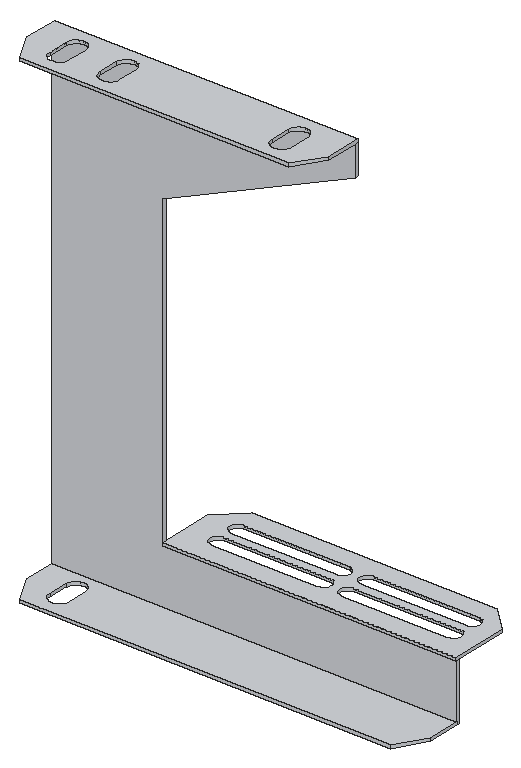
Revit family "TTH150", category Generic Models, Revit 2017
Family settings
  Can host rebar = No
  Round Connector Dimension = Use Diameter
  Part Type = Normal
  Work Plane-Based = Yes
  Always vertical = No
  Cut with Voids When Loaded = No
  Shared = No
  Room Calculation Point = No
Parameters (values of type "NBS Standard Parameters")
  Weight = "0.386Kg"
  WarrantyStartDate [instance] = "1900-12-31T23:59:59"
  WarrantyGuarantorParts = "n/a"
  WarrantyGuarantorLabor = "n/a"
  WarrantyDurationUnit = "1 year"
  WarrantyDurationParts = "n/a"
  WarrantyDurationLabor = "n/a"
  WarrantyDescription = "n/a"
  Version = "1"
  Uniclass2 = "PR_65_70_11_18"
  TagNumber [instance] = "n/a"
  SustainabilityPerformance = "n/a"
  Size = "150"
  Shape = "n/a"
  SerialNumber [instance] = "n/a"
  Revision = "n/a"
  ReplacementCost = "n/a"
  ProductInformation = "www.metpro.co.uk/pdf/tth150.pdf"
  NominalWidth = 67 mm
  NominalLength = 205 mm
  NominalHeight = 240 mm
  Name = ""
  NBSTypeID = ""
  NBSReference = "90-55-10/410"
  NBSOfficeMasterTag = ""
  NBSNote = ""
  NBSDescription = "Cable Trunking"
  NBSCertification = ""
  ModelReference = "TTH150"
  ModelNumber = "n/a"
  Material = "Pre Galvanised Steel"
  ManufacturerURL = "www.metpro.co.uk"
  ManufacturerName = "Metpro Ltd"
  Keynote = "Compliant to LU standard 1-085"
  InstallationDate [instance] = "1900-12-31T23:59:59"
  IfcExportType = ""
  IfcExportAs = ""
  Grade = "n/a"
  Finish = "Pre Galvanised"
  Features = "n/a"
  ExpectedLife = "n/a"
  DurationUnit = "year"
  Description = "TTH150  - 150mm Tray Hanger"
  Default Elevation = 1219.2 mm
  Constituents = "n/a"
  Color = "n/a"
  CodePerformance = "n/a"
  Category = "n/a"
  BarCode [instance] = "n/a"
  BIMObjectName = "Metpro_metprolibrary_cabletrunking_supportsystem_hangingbracket"
  Author = "Metpro Ltd"
  AssetType = ""
  AssetIdentifier [instance] = "n/a"
  AccessibilityPerformance = "n/a"
Reference planes
  plane 1 "Center (Front/Back)": y = 0
  plane 2: z = 0
  plane 3 "Center (Left/Right)": x = 0
Forms (mm)
  Extrusion 1, solid
    sketch origin (0, -27.618, 22.127) x (1, 0, 0) y (0, 0, 1)
      loop
        line (-19.975, 93.727) -> (-19.975, -146.273) -> (180.025, -146.273) -> (180.025, -116.273) -> (35.025, -116.273) -> (35.025, 35.977) -> (130.025, 78.727) -> (130.025, 93.727) -> (-19.975, 93.727)
    from 0 to 1.4
  Extrusion 2, solid
    sketch origin (-19.975, -27.618, -124.145) x (0, -1, 0) y (-1, 0, 0)
      loop
        line (1.4, 0) -> (1.4, -200) -> (17.067, -200) -> (31.5, -191.667) -> (31.5, -8.333) -> (17.067, 0) -> (1.4, 0)
    from -1.4 to 0
  Extrusion 3, solid
    sketch origin (-19.975, -27.618, 115.855) x (1, 0, 0) y (0, 1, 0)
      loop
        line (0, 0) -> (0, -17.067) -> (8.333, -31.5) -> (140.943, -31.5) -> (150, -17.802) -> (150, 0) -> (0, 0)
    from 0 to 1.4
  Extrusion 4, solid
    sketch origin (135.025, -27.618, -94.145) x (-1, 0, 0) y (0, -1, 0)
      loop
        line (100, 1.609) -> (-45, 1.609) -> (-45, -26.391) -> (-33, -38.391) -> (88, -38.391) -> (100, -26.391) -> (100, 1.609)
    from -1.4 to 0
  Extrusion 5, void
    sketch origin (-19.975, -27.618, 117.255) x (0, 1, 0) y (1, 0, 0)
      loop
        line (-10.863, 134.303) -> (-20.863, 134.303)
        arc (-20.863, 134.303) -> (-25.863, 129.303) -> (-20.863, 124.303) r 5
        line (-20.863, 124.303) -> (-10.863, 124.303)
        arc (-10.863, 124.303) -> (-5.863, 129.303) -> (-10.863, 134.303) r 5
      loop
        line (-10.863, 49.303) -> (-20.863, 49.303)
        arc (-20.863, 49.303) -> (-25.863, 44.303) -> (-20.863, 39.303) r 5
        line (-20.863, 39.303) -> (-10.863, 39.303)
        arc (-10.863, 39.303) -> (-5.863, 44.303) -> (-10.863, 49.303) r 5
      loop
        line (-10.863, 24.303) -> (-20.863, 24.303)
        arc (-20.863, 24.303) -> (-25.863, 19.303) -> (-20.863, 14.303) r 5
        line (-20.863, 14.303) -> (-10.863, 14.303)
        arc (-10.863, 14.303) -> (-5.863, 19.303) -> (-10.863, 24.303) r 5
    from 0 to 1.4
  Extrusion 6, void
    sketch origin (-19.975, -27.618, -122.745) x (0, -1, 0) y (1, 0, 0)
      loop
        arc (20.863, 14.303) -> (25.863, 19.303) -> (20.863, 24.303) r 5
        line (20.863, 24.303) -> (10.863, 24.303)
        arc (10.863, 24.303) -> (5.863, 19.303) -> (10.863, 14.303) r 5
        line (10.863, 14.303) -> (20.863, 14.303)
    from -6.066 to 1.4
  Extrusion 7, void
    sketch origin (135.025, -27.618, -95.545) x (-1, 0, 0) y (0, -1, 0)
      loop
        line (31.855, -16.559) -> (83.855, -16.559)
        arc (83.855, -16.559) -> (87.855, -12.559) -> (83.855, -8.559) r 4
        line (83.855, -8.559) -> (31.855, -8.559)
        arc (31.855, -8.559) -> (27.855, -12.559) -> (31.855, -16.559) r 4
      loop
        line (83.855, -20.471) -> (31.855, -20.471)
        arc (31.855, -20.471) -> (27.855, -24.471) -> (31.855, -28.471) r 4
        line (31.855, -28.471) -> (83.855, -28.471)
        arc (83.855, -28.471) -> (87.855, -24.471) -> (83.855, -20.471) r 4
      loop
        line (19.538, -20.471) -> (-32.462, -20.471)
        arc (-32.462, -20.471) -> (-36.462, -24.471) -> (-32.462, -28.471) r 4
        line (-32.462, -28.471) -> (19.538, -28.471)
        arc (19.538, -28.471) -> (23.538, -24.471) -> (19.538, -20.471) r 4
      loop
        line (19.538, -8.559) -> (-32.462, -8.559)
        arc (-32.462, -8.559) -> (-36.462, -12.559) -> (-32.462, -16.559) r 4
        line (-32.462, -16.559) -> (19.538, -16.559)
        arc (19.538, -16.559) -> (23.538, -12.559) -> (19.538, -8.559) r 4
    from 0 to 1.4
Cuts and joins
  Extrusion 5 cuts Extrusion 3
  Extrusion 6 cuts Extrusion 2
  Extrusion 7 cuts Extrusion 4
Dimensions and locks
  aligned and locked: level to plane 2
